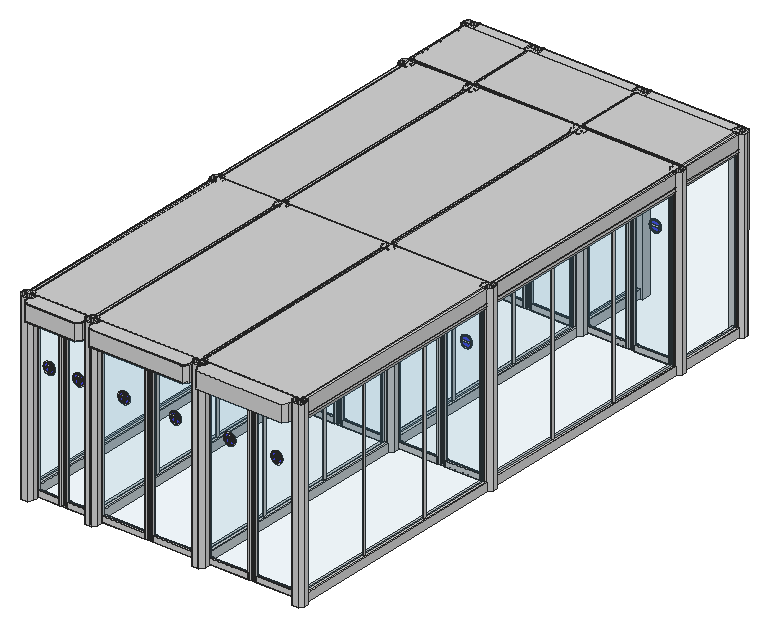
Revit family "ASSA_ABLOY_SecurityPortals_EL_Triple", category Doors, Revit 2020 (continued)
Dimensions and locks
  aligned and locked: plane 26 to nested 3
  aligned and locked: nested 3 to plane 12
  aligned and locked: plane 4 "Top" to Sweep 2
  aligned and locked: plane 4 "Top" to cut or joined group of Sweep 11, Sweep 12, Extrusion 13  (x2)
  aligned and locked: Extrusion 15 sketch curve to nested 3
  aligned and locked: Extrusion 15 sketch curve to plane 8 "Center"
  aligned and locked: Extrusion 15 sketch curve to plane 26
  aligned and locked: Extrusion 25 sketch curve to Sweep 18  (x2)
  aligned and locked: plane 25 to Sweep 2  (x2)
  aligned and locked: nested 5 to plane 45
  aligned and locked: nested 4 to plane 46
  aligned and locked: Extrusion 19 to plane 40
  aligned and locked: plane 39 to Extrusion 19
  aligned and locked: plane 33 to Sweep 18
  aligned and locked: plane 24 to Sweep 22 sketch curve
  aligned and locked: plane 25 to Sweep 22 sketch curve
  aligned and locked: plane 33 to Sweep 22 sketch curve
  aligned and locked: plane 25 to Sweep 23 sketch curve
  aligned and locked: plane 33 to Sweep 23 sketch curve
  aligned and locked: plane 24 to Sweep 23 sketch curve
  aligned and locked: Extrusion 24 sketch curve to plane 8 "Center"
  aligned and locked: Extrusion 24 sketch curve to plane 4 "Top"
  aligned and locked: plane 44 to Extrusion 24 sketch curve
  aligned and locked: Extrusion 19 sketch curve to plane 40  (x3)
  aligned and locked: Extrusion 19 sketch curve to plane 39  (x3)
  aligned and locked: plane 25 to Extrusion 19 sketch curve
  aligned and locked: Extrusion 19 sketch curve to plane 20
  aligned and locked: Extrusion 19 sketch curve to plane 21
  aligned and locked: Extrusion 19 sketch curve to plane 22
  aligned and locked: Extrusion 19 sketch curve to plane 23
  aligned and locked: plane 17 to Extrusion 19 sketch curve
  aligned and locked: plane 40 to Extrusion 24
  aligned and locked: plane 14 to Extrusion 24
  aligned and locked: Extrusion 25 sketch curve to plane 32
  aligned and locked: plane 25 to Extrusion 25 sketch curve
  aligned and locked: Extrusion 25 sketch curve to plane 25
  aligned and locked: curve 170 to plane 47
  aligned and locked: Sweep 21 to plane 39  (x2)
  aligned and locked: Sweep 20 to plane 39
  aligned and locked: plane 40 to Extrusion 27 sketch curve
  aligned and locked: Extrusion 28 sketch curve to plane 48
  aligned and locked: Extrusion 26 sketch curve to plane 49
  aligned and locked: Extrusion 26 sketch curve to plane 50
  aligned and locked: plane 14 to Extrusion 27 sketch curve
  aligned and locked: Extrusion 28 sketch curve to plane 51
  aligned and locked: Sweep 29 to plane 38
  aligned and locked: nested 6 to plane 53
  aligned and locked: nested 7 to plane 52
  aligned and locked: plane 44 to Extrusion 35 sketch curve
  aligned and locked: Extrusion 35 sketch curve to plane 4 "Top"
  aligned and locked: Extrusion 35 sketch curve to plane 8 "Center"
  aligned and locked: cut or joined group of Sweep 11, Sweep 12, Extrusion 13 to plane 8 "Center"
  aligned and locked: plane 43 to Extrusion 35
  aligned and locked: Extrusion 35 to plane 39
  aligned and locked: Extrusion 14 sketch curve to Sweep 9
  aligned and locked: curve 171 to plane 47
  aligned and locked: plane 43 to Extrusion 38
  aligned and locked: Extrusion 38 to plane 39
  aligned and locked: plane 57 to Extrusion 36 sketch curve
  aligned and locked: plane 58 to Extrusion 38
  aligned and locked: plane 43 to Extrusion 37 sketch curve
  aligned and locked: Extrusion 37 sketch curve to plane 58
  aligned and locked: Extrusion 39 sketch curve to plane 62
  aligned and locked: Extrusion 39 sketch curve to plane 61
  aligned and locked: Extrusion 17 to plane 5 "PH"
  aligned and locked: plane 4 "Top" to Extrusion 15
  aligned and locked: Extrusion 25 to plane 5 "PH"
  aligned and locked: Extrusion 36 to plane 5 "PH"
  aligned and locked: Extrusion 24 to plane 4 "Top"
  aligned and locked: Extrusion 35 to plane 4 "Top"
  aligned and locked: plane 28 to Sweep 7
  aligned and locked: plane 28 to Sweep 5
  aligned and locked: Sweep 23 to plane 28
  aligned and locked: Sweep 34 to plane 28
  aligned and locked: Extrusion 26 to plane 4 "Top"
  aligned and locked: Extrusion 37 to plane 4 "Top"
  aligned and locked: plane 28 to Extrusion 30
  aligned and locked: plane 28 to Extrusion 19
  aligned and locked: Extrusion 28 to plane 5 "PH"
  aligned and locked: Extrusion 39 to plane 5 "PH"
  aligned and locked: plane 63 to Extrusion 17
  aligned and locked: plane 63 to Extrusion 28
  aligned and locked: plane 63 to Extrusion 39
  aligned and locked: Extrusion 15 to plane 64
  aligned and locked: Extrusion 26 to plane 64
  aligned and locked: Extrusion 37 to plane 64
  aligned and locked: Extrusion 27 to plane 5 "PH"
  aligned and locked: plane 4 "Top" to Extrusion 27
Automatic sketch dimensions
  Sweep 1 sketch curve to plane 4 "Top" = 0.00 mm
  plane 7 to Sweep 1 sketch curve = 0.00 mm
  Sweep 1 sketch curve to level = 0.00 mm
  Sweep 1 sketch curve to profile plane = 0.00 mm
  profile plane to Sweep 1 sketch curve = 2.30 mm
  profile plane to Sweep 1 sketch curve = 19.90 mm
  profile plane to Sweep 1 sketch curve = 36.52 mm
  Sweep 1 sketch curve to Sweep 1 sketch curve = 0.946 mm
  Sweep 1 sketch curve to Sweep 1 sketch curve = 22.75 mm
  Sweep 1 sketch curve to plane 8 "Center" = 17.45 mm
  profile plane to Sweep 1 sketch curve = 43.296 mm
  Sweep 1 sketch curve to Sweep 1 sketch curve = 16.93 mm
  Sweep 1 sketch curve to Sweep 1 sketch curve = 10.70 mm  (x2)
  Sweep 1 sketch curve to Sweep 1 sketch curve = 5.40 mm  (x2)
  Sweep 1 sketch curve to Sweep 1 sketch curve = 1.60 mm  (x2)
  Sweep 1 sketch curve to Sweep 1 sketch curve = 37.00 mm
  Sweep 1 sketch curve to Sweep 1 sketch curve = 5.00 mm  (x5)
  Sweep 1 sketch curve to Sweep 1 sketch curve = 8.50 mm
  Sweep 1 sketch curve to plane 8 "Center" = 7.95 mm
  Sweep 1 sketch curve to Sweep 1 sketch curve = 59.304 mm
  Sweep 1 sketch curve to Sweep 1 sketch curve = 3.40 mm
  Sweep 1 sketch curve to Sweep 1 sketch curve = 19.05 mm
  Sweep 1 sketch curve to Sweep 1 sketch curve = 20.752 mm
  Sweep 1 sketch curve to Sweep 1 sketch curve = 16.185 mm
  Sweep 1 sketch curve to Sweep 1 sketch curve = 0.746 mm
  Sweep 1 sketch curve to Sweep 1 sketch curve = 3.182 mm
  Sweep 1 sketch curve to Sweep 1 sketch curve = 22.95 mm
  Sweep 1 sketch curve to Sweep 1 sketch curve = 17.40 mm  (x2)
  plane 8 "Center" to Sweep 1 sketch curve = 20.298 mm
  Sweep 1 sketch curve to Sweep 1 sketch curve = 2.50 mm
  Sweep 1 sketch curve to Sweep 1 sketch curve = 2.79 mm
  plane 8 "Center" to Sweep 1 sketch curve = 20.296 mm
  Sweep 1 sketch curve to Sweep 1 sketch curve = 1.028 mm
  Sweep 1 sketch curve to Sweep 1 sketch curve = 17.674 mm
  Sweep 1 sketch curve to Sweep 1 sketch curve = 23.704 mm
  Sweep 1 sketch curve to Sweep 1 sketch curve = 9.50 mm  (x2)
  Sweep 1 sketch curve to Sweep 1 sketch curve = 21.303 mm  (x2)
  Sweep 1 sketch curve to Sweep 1 sketch curve = 1.754 mm  (x2)
  Sweep 1 sketch curve to Sweep 1 sketch curve = 1.746 mm  (x2)
  Sweep 1 sketch curve to Sweep 1 sketch curve = 36.56 mm
  Sweep 1 sketch curve to Sweep 1 sketch curve = 0.00 mm
  Sweep 1 sketch curve to Sweep 1 sketch curve = 13.70 mm  (x2)
  Sweep 1 sketch curve to Sweep 1 sketch curve = 8.103 mm  (x2)
  Sweep 1 sketch curve to Sweep 1 sketch curve = 15.00 mm
  Sweep 1 sketch curve to Sweep 1 sketch curve = 6.897 mm
  Sweep 2 sketch curve to plane 4 "Top" = 0.00 mm
  plane 6 to Sweep 2 sketch curve = 0.00 mm
  Sweep 2 sketch curve to level = 0.00 mm
  Extrusion 3 sketch curve to plane 11 = 0.00 mm  (x2)
  Extrusion 3 sketch curve to plane 12 = 0.00 mm  (x2)
  Extrusion 4 sketch curve to plane 13 = 0.00 mm  (x2)
  Extrusion 4 sketch curve to plane 14 = 0.00 mm  (x2)
  plane 19 to Sweep 5 sketch curve = 15.00 mm
  profile plane to Sweep 5 sketch curve = 88.45 mm
  Sweep 5 sketch curve to Sweep 5 sketch curve = 2.00 mm  (x3)
  plane 19 to Sweep 5 sketch curve = 1.00 mm
  Sweep 5 sketch curve to Sweep 5 sketch curve = 8.60 mm  (x2)
  Sweep 5 sketch curve to plane 19 = 1.00 mm
  Sweep 5 sketch curve to Sweep 5 sketch curve = 14.00 mm
  Sweep 5 sketch curve to Sweep 5 sketch curve = 0.00 mm  (x2)
  plane 18 to Sweep 6 sketch curve = 15.00 mm
  profile plane to Sweep 6 sketch curve = 88.45 mm
  Sweep 6 sketch curve to Sweep 6 sketch curve = 2.00 mm  (x3)
  plane 18 to Sweep 6 sketch curve = 1.00 mm
  Sweep 6 sketch curve to Sweep 6 sketch curve = 8.60 mm  (x2)
  Sweep 6 sketch curve to plane 18 = 1.00 mm
  Sweep 6 sketch curve to Sweep 6 sketch curve = 14.00 mm
  Sweep 6 sketch curve to Sweep 6 sketch curve = 0.00 mm  (x2)
  plane 19 to Sweep 7 sketch curve = 15.00 mm
  Sweep 7 sketch curve to profile plane = 75.85 mm
  Sweep 7 sketch curve to Sweep 7 sketch curve = 2.00 mm  (x3)
  plane 19 to Sweep 7 sketch curve = 1.00 mm
  Sweep 7 sketch curve to Sweep 7 sketch curve = 8.60 mm
  Sweep 7 sketch curve to Sweep 7 sketch curve = 0.00 mm  (x3)
  Sweep 7 sketch curve to plane 19 = 1.00 mm
  Sweep 7 sketch curve to Sweep 7 sketch curve = 14.00 mm
  plane 18 to Sweep 8 sketch curve = 15.00 mm
  Sweep 8 sketch curve to profile plane = 75.85 mm
  Sweep 8 sketch curve to Sweep 8 sketch curve = 2.00 mm  (x3)
  plane 18 to Sweep 8 sketch curve = 1.00 mm
  Sweep 8 sketch curve to Sweep 8 sketch curve = 8.60 mm
  Sweep 8 sketch curve to Sweep 8 sketch curve = 0.00 mm  (x3)
  Sweep 8 sketch curve to plane 18 = 1.00 mm
  Sweep 8 sketch curve to Sweep 8 sketch curve = 14.00 mm
  level to Sweep 9 sketch curve = 0.90 mm
  profile plane to Sweep 9 sketch curve = 124.65 mm
  Sweep 9 sketch curve to Sweep 9 sketch curve = 5.00 mm  (x2)
  Sweep 9 sketch curve to Sweep 9 sketch curve = 28.00 mm  (x2)
  Sweep 9 sketch curve to Sweep 9 sketch curve = 19.00 mm
  level to Sweep 9 sketch curve = 70.90 mm
  Sweep 9 sketch curve to Sweep 9 sketch curve = 35.00 mm  (x2)
  Sweep 10 sketch curve to plane 6 = 0.00 mm
  plane 24 to Sweep 10 sketch curve = 0.00 mm
  plane 25 to Sweep 10 sketch curve = 0.00 mm
  level to Sweep 10 sketch curve = 0.90 mm
  Sweep 10 sketch curve to profile plane = 39.65 mm
  Sweep 10 sketch curve to Sweep 10 sketch curve = 5.00 mm  (x2)
  Sweep 10 sketch curve to Sweep 10 sketch curve = 28.00 mm  (x2)
  Sweep 10 sketch curve to Sweep 10 sketch curve = 19.00 mm
  level to Sweep 10 sketch curve = 70.90 mm
  Sweep 10 sketch curve to Sweep 10 sketch curve = 35.00 mm  (x2)
  Sweep 11 sketch curve to plane 7 = 0.00 mm
  plane 25 to Sweep 11 sketch curve = 0.00 mm
  plane 24 to Sweep 11 sketch curve = 0.00 mm
  Sweep 11 sketch curve to Sweep 11 sketch curve = 0.00 mm  (x6)
  plane 5 "PH" to Sweep 11 sketch curve = 41.60 mm
  profile plane to Sweep 11 sketch curve = 121.15 mm
  Sweep 11 sketch curve to Sweep 11 sketch curve = 2.00 mm
  Sweep 11 sketch curve to Sweep 11 sketch curve = 3.00 mm  (x3)
  Sweep 11 sketch curve to Sweep 11 sketch curve = 3.50 mm
  Sweep 11 sketch curve to plane 5 "PH" = 28.70 mm
  Sweep 11 sketch curve to Sweep 11 sketch curve = 17.32 mm
  Sweep 11 sketch curve to Sweep 11 sketch curve = 11.68 mm  (x2)
  Sweep 11 sketch curve to Sweep 11 sketch curve = 14.00 mm
  Sweep 11 sketch curve to Sweep 11 sketch curve = 45.00 mm
  profile plane to Sweep 11 sketch curve = 46.15 mm
  plane 5 "PH" to Sweep 11 sketch curve = 1.30 mm  (x2)
  Sweep 11 sketch curve to Sweep 11 sketch curve = 20.82 mm
  Sweep 11 sketch curve to Sweep 11 sketch curve = 4.40 mm  (x3)
  Sweep 11 sketch curve to Sweep 11 sketch curve = 9.60 mm
  Sweep 11 sketch curve to Sweep 11 sketch curve = 1.00 mm
  Sweep 11 sketch curve to Sweep 11 sketch curve = 63.75 mm
  Sweep 11 sketch curve to Sweep 11 sketch curve = 37.00 mm
  Sweep 11 sketch curve to Sweep 11 sketch curve = 64.25 mm
  Sweep 12 sketch curve to plane 6 = 0.00 mm
  plane 25 to Sweep 12 sketch curve = 0.00 mm
  plane 24 to Sweep 12 sketch curve = 0.00 mm
  Sweep 12 sketch curve to Sweep 12 sketch curve = 0.00 mm  (x5)
  Sweep 12 sketch curve to profile plane = 43.15 mm
  Sweep 12 sketch curve to profile plane = 46.15 mm
  Sweep 12 sketch curve to plane 5 "PH" = 28.70 mm  (x2)
  Sweep 12 sketch curve to Sweep 12 sketch curve = 17.32 mm
  Sweep 12 sketch curve to profile plane = 71.15 mm
  Sweep 12 sketch curve to Sweep 12 sketch curve = 11.68 mm  (x2)
  Sweep 12 sketch curve to Sweep 12 sketch curve = 3.00 mm  (x2)
  Sweep 12 sketch curve to Sweep 12 sketch curve = 14.00 mm
  plane 5 "PH" to Sweep 12 sketch curve = 41.60 mm
  Sweep 12 sketch curve to Sweep 12 sketch curve = 26.50 mm
  Sweep 12 sketch curve to Sweep 12 sketch curve = 45.00 mm
  Sweep 12 sketch curve to Sweep 12 sketch curve = 3.50 mm
  Sweep 12 sketch curve to Sweep 12 sketch curve = 5.50 mm
  Sweep 12 sketch curve to Sweep 12 sketch curve = 2.00 mm
  Sweep 12 sketch curve to Sweep 12 sketch curve = 4.40 mm  (x2)
  Sweep 12 sketch curve to Sweep 12 sketch curve = 9.60 mm
  plane 5 "PH" to Sweep 12 sketch curve = 1.30 mm  (x2)
  Sweep 12 sketch curve to Sweep 12 sketch curve = 1.00 mm
  Sweep 12 sketch curve to Sweep 12 sketch curve = 63.75 mm
  Sweep 12 sketch curve to Sweep 12 sketch curve = 37.00 mm
  Sweep 12 sketch curve to Sweep 12 sketch curve = 64.25 mm
  plane 8 "Center" to Extrusion 14 sketch curve = 20.296 mm
  curve 1 to curve 14 = 8.103 mm
  curve 129 to curve 10 = 1.60 mm
  curve 18 to curve 168 = 3.13 mm
  curve 97 to curve 129 = 42.954 mm
  curve 169 to curve 1 = 3.13 mm
  curve 129 to curve 96 = 38.40 mm
  curve 98 to curve 130 = 0.00 mm
  curve 151 to curve 119 = 3.00 mm
  curve 99 to curve 103 = 5.40 mm
  curve 56 to curve 98 = 3.13 mm
  curve 130 to curve 100 = 42.954 mm
  curve 99 to curve 31 = 3.13 mm
  plane 11 to Extrusion 15 sketch curve = 1.875 mm
  Extrusion 15 sketch curve to plane 9 = 20.196 mm
  plane 29 to Extrusion 15 sketch curve = 1.875 mm
  plane 7 to Extrusion 15 sketch curve = 21.671 mm
  Extrusion 15 sketch curve to plane 30 = 15.421 mm
  Extrusion 15 sketch curve to plane 10 = 20.00 mm
  Extrusion 15 sketch curve to plane 31 = 0.024 mm
  plane 13 to Extrusion 15 sketch curve = 2.50 mm
  plane 31 to Extrusion 15 sketch curve = 5.601 mm
  plane 26 to Extrusion 16 sketch curve = 0.00 mm  (x2)
  plane 11 to Extrusion 16 sketch curve = 2.031 mm
  plane 7 to Extrusion 16 sketch curve = 20.371 mm
  plane 29 to Extrusion 16 sketch curve = 2.00 mm
  Extrusion 16 sketch curve to Extrusion 16 sketch curve = 0.828 mm  (x2)
  Extrusion 16 sketch curve to plane 30 = 15.05 mm
  Extrusion 16 sketch curve to Extrusion 16 sketch curve = 1.975 mm
  Extrusion 16 sketch curve to plane 31 = 0.599 mm
  plane 31 to Extrusion 16 sketch curve = 0.255 mm
  plane 31 to Extrusion 16 sketch curve = 4.301 mm
  Extrusion 16 sketch curve to Extrusion 16 sketch curve = 0.797 mm
  Extrusion 17 sketch curve to plane 9 = 14.602 mm
  Extrusion 17 sketch curve to plane 9 = 20.30 mm
  plane 11 to Extrusion 17 sketch curve = 10.00 mm
  plane 7 to Extrusion 17 sketch curve = 17.605 mm
  Extrusion 17 sketch curve to plane 30 = 16.561 mm
  Extrusion 17 sketch curve to plane 10 = 14.396 mm
  Extrusion 17 sketch curve to plane 10 = 20.093 mm
  plane 13 to Extrusion 17 sketch curve = 10.00 mm
  plane 31 to Extrusion 17 sketch curve = 1.741 mm
  plane 31 to Extrusion 17 sketch curve = 1.535 mm
  plane 29 to Extrusion 17 sketch curve = 10.00 mm
  plane 8 "Center" to Extrusion 17 sketch curve = 20.083 mm  (x2)
  Extrusion 17 sketch curve to Extrusion 17 sketch curve = 46.671 mm
  Extrusion 17 sketch curve to Extrusion 17 sketch curve = 48.341 mm
  Sweep 18 sketch curve to plane 4 "Top" = 0.00 mm
  Sweep 18 sketch curve to level = 0.00 mm
  plane 41 to Sweep 18 sketch curve = 979.00 mm
  Sweep 18 sketch curve to profile plane = 0.00 mm
  Sweep 18 sketch curve to profile plane = 2.30 mm
  Sweep 18 sketch curve to Sweep 18 sketch curve = 17.60 mm
  Sweep 18 sketch curve to profile plane = 36.52 mm
  Sweep 18 sketch curve to Sweep 18 sketch curve = 0.946 mm
  Sweep 18 sketch curve to Sweep 18 sketch curve = 22.75 mm
  Sweep 18 sketch curve to profile plane = 17.45 mm
  Sweep 18 sketch curve to profile plane = 43.296 mm
  Sweep 18 sketch curve to Sweep 18 sketch curve = 16.93 mm
  Sweep 18 sketch curve to Sweep 18 sketch curve = 10.70 mm  (x2)
  Sweep 18 sketch curve to Sweep 18 sketch curve = 5.40 mm
  Sweep 18 sketch curve to Sweep 18 sketch curve = 1.60 mm  (x2)
  Sweep 18 sketch curve to Sweep 18 sketch curve = 8.50 mm  (x2)
  Sweep 18 sketch curve to Sweep 18 sketch curve = 5.00 mm  (x5)
  Sweep 18 sketch curve to Sweep 18 sketch curve = 7.00 mm
  Sweep 18 sketch curve to profile plane = 7.95 mm
  Sweep 18 sketch curve to Sweep 18 sketch curve = 59.304 mm
  Sweep 18 sketch curve to Sweep 18 sketch curve = 3.40 mm
  Sweep 18 sketch curve to Sweep 18 sketch curve = 19.05 mm
  Sweep 18 sketch curve to Sweep 18 sketch curve = 20.752 mm
  Sweep 18 sketch curve to Sweep 18 sketch curve = 16.185 mm
  Sweep 18 sketch curve to Sweep 18 sketch curve = 0.746 mm
  Sweep 18 sketch curve to profile plane = 10.74 mm
  Sweep 18 sketch curve to Sweep 18 sketch curve = 3.182 mm
  Sweep 18 sketch curve to Sweep 18 sketch curve = 22.95 mm
  Sweep 18 sketch curve to Sweep 18 sketch curve = 17.40 mm  (x2)
  profile plane to Sweep 18 sketch curve = 21.326 mm
  Sweep 18 sketch curve to Sweep 18 sketch curve = 2.50 mm
  profile plane to Sweep 18 sketch curve = 20.296 mm
  Sweep 18 sketch curve to Sweep 18 sketch curve = 1.028 mm
  Sweep 18 sketch curve to Sweep 18 sketch curve = 17.674 mm
  Sweep 18 sketch curve to Sweep 18 sketch curve = 23.704 mm
  Sweep 18 sketch curve to Sweep 18 sketch curve = 9.50 mm  (x2)
  Sweep 18 sketch curve to Sweep 18 sketch curve = 21.303 mm  (x2)
  Sweep 18 sketch curve to Sweep 18 sketch curve = 1.754 mm  (x2)
  Sweep 18 sketch curve to Sweep 18 sketch curve = 1.746 mm  (x2)
  Sweep 18 sketch curve to Sweep 18 sketch curve = 36.56 mm
  Sweep 18 sketch curve to Sweep 18 sketch curve = 0.00 mm
  Sweep 18 sketch curve to Sweep 18 sketch curve = 13.70 mm  (x2)
  Sweep 18 sketch curve to Sweep 18 sketch curve = 8.103 mm  (x2)
  Sweep 18 sketch curve to Sweep 18 sketch curve = 15.00 mm
  Sweep 18 sketch curve to Sweep 18 sketch curve = 6.897 mm
  Sweep 20 sketch curve to plane 28 = 0.00 mm
  Sweep 20 sketch curve to plane 27 = 0.00 mm
  Sweep 20 sketch curve to plane 41 = 979.10 mm
  profile plane to Sweep 20 sketch curve = 15.00 mm
  Sweep 20 sketch curve to profile plane = 75.85 mm
  Sweep 20 sketch curve to Sweep 20 sketch curve = 2.00 mm  (x3)
  profile plane to Sweep 20 sketch curve = 1.00 mm
  Sweep 20 sketch curve to Sweep 20 sketch curve = 8.60 mm
  Sweep 20 sketch curve to Sweep 20 sketch curve = 0.00 mm  (x3)
  Sweep 20 sketch curve to profile plane = 1.00 mm
  Sweep 20 sketch curve to Sweep 20 sketch curve = 14.00 mm
  Sweep 21 sketch curve to plane 28 = 0.00 mm
  Sweep 21 sketch curve to plane 27 = 0.00 mm
  Sweep 21 sketch curve to plane 41 = 979.10 mm
  profile plane to Sweep 21 sketch curve = 15.00 mm
  Sweep 21 sketch curve to profile plane = 75.85 mm
  Sweep 21 sketch curve to Sweep 21 sketch curve = 2.00 mm  (x3)
  profile plane to Sweep 21 sketch curve = 1.00 mm
  Sweep 21 sketch curve to Sweep 21 sketch curve = 8.60 mm
  Sweep 21 sketch curve to Sweep 21 sketch curve = 0.00 mm  (x3)
  Sweep 21 sketch curve to profile plane = 1.00 mm
  Sweep 21 sketch curve to Sweep 21 sketch curve = 14.00 mm
  level to Sweep 22 sketch curve = 0.90 mm
  Sweep 22 sketch curve to profile plane = 39.65 mm
  Sweep 22 sketch curve to Sweep 22 sketch curve = 5.00 mm  (x2)
  Sweep 22 sketch curve to Sweep 22 sketch curve = 28.00 mm  (x2)
  Sweep 22 sketch curve to Sweep 22 sketch curve = 19.00 mm
  level to Sweep 22 sketch curve = 70.90 mm
  Sweep 22 sketch curve to Sweep 22 sketch curve = 35.00 mm  (x2)
  Sweep 23 sketch curve to Sweep 23 sketch curve = 0.00 mm  (x5)
  Sweep 23 sketch curve to profile plane = 43.15 mm
  Sweep 23 sketch curve to profile plane = 46.15 mm
  Sweep 23 sketch curve to plane 5 "PH" = 28.70 mm  (x2)
  Sweep 23 sketch curve to Sweep 23 sketch curve = 17.32 mm
  Sweep 23 sketch curve to profile plane = 71.15 mm
  Sweep 23 sketch curve to Sweep 23 sketch curve = 11.68 mm  (x2)
  Sweep 23 sketch curve to Sweep 23 sketch curve = 3.00 mm  (x2)
  Sweep 23 sketch curve to Sweep 23 sketch curve = 14.00 mm
  plane 5 "PH" to Sweep 23 sketch curve = 41.60 mm
  Sweep 23 sketch curve to Sweep 23 sketch curve = 26.50 mm
  Sweep 23 sketch curve to Sweep 23 sketch curve = 45.00 mm
  Sweep 23 sketch curve to Sweep 23 sketch curve = 3.50 mm
  Sweep 23 sketch curve to Sweep 23 sketch curve = 5.50 mm
  Sweep 23 sketch curve to Sweep 23 sketch curve = 2.00 mm
  Sweep 23 sketch curve to Sweep 23 sketch curve = 4.40 mm  (x2)
  Sweep 23 sketch curve to Sweep 23 sketch curve = 9.60 mm
  plane 5 "PH" to Sweep 23 sketch curve = 1.30 mm  (x2)
  Sweep 23 sketch curve to Sweep 23 sketch curve = 1.00 mm
  Sweep 23 sketch curve to Sweep 23 sketch curve = 63.75 mm
  Sweep 23 sketch curve to Sweep 23 sketch curve = 37.00 mm
  Sweep 23 sketch curve to Sweep 23 sketch curve = 64.25 mm
  Extrusion 25 sketch curve to Extrusion 25 sketch curve = 48.507 mm
  Extrusion 26 sketch curve to plane 26 = 180.989 mm
  Extrusion 26 sketch curve to plane 25 = 146.21 mm  (x2)
  Extrusion 26 sketch curve to Extrusion 26 sketch curve = 32.879 mm
  Extrusion 26 sketch curve to plane 31 = 92.245 mm
  Extrusion 26 sketch curve to Extrusion 26 sketch curve = 97.846 mm
  Extrusion 26 sketch curve to Extrusion 26 sketch curve = 59.771 mm
  Extrusion 26 sketch curve to plane 26 = 186.614 mm
  Extrusion 26 sketch curve to Extrusion 26 sketch curve = 92.221 mm
  Extrusion 26 sketch curve to Extrusion 26 sketch curve = 17.45 mm
  Extrusion 27 sketch curve to plane 26 = 182.089 mm
  Extrusion 27 sketch curve to plane 26 = 181.492 mm
  Extrusion 27 sketch curve to Extrusion 27 sketch curve = 2.231 mm
  Extrusion 27 sketch curve to plane 31 = 94.12 mm
  Extrusion 27 sketch curve to Extrusion 27 sketch curve = 96.39 mm
  Extrusion 27 sketch curve to plane 31 = 92.12 mm
  Extrusion 27 sketch curve to Extrusion 27 sketch curve = 0.828 mm  (x2)
  Extrusion 27 sketch curve to plane 25 = 146.21 mm  (x2)
  Extrusion 27 sketch curve to Extrusion 27 sketch curve = 92.375 mm
  Extrusion 27 sketch curve to Extrusion 27 sketch curve = 2.075 mm
  Extrusion 27 sketch curve to plane 26 = 187.089 mm
  Extrusion 27 sketch curve to Extrusion 27 sketch curve = 0.753 mm
  Extrusion 28 sketch curve to plane 26 = 185.056 mm
  Extrusion 28 sketch curve to plane 25 = 146.21 mm  (x2)
  Extrusion 28 sketch curve to Extrusion 28 sketch curve = 24.65 mm
  plane 25 to Extrusion 28 sketch curve = 0.00 mm
  Extrusion 28 sketch curve to Extrusion 28 sketch curve = 5.698 mm
  Extrusion 28 sketch curve to Extrusion 28 sketch curve = 43.40 mm
  Extrusion 28 sketch curve to plane 31 = 84.12 mm
  Extrusion 28 sketch curve to Extrusion 28 sketch curve = 85.655 mm
  Extrusion 28 sketch curve to plane 25 = 108.677 mm  (x2)
  Extrusion 28 sketch curve to Extrusion 28 sketch curve = 16.561 mm
  Extrusion 28 sketch curve to Extrusion 28 sketch curve = 38.746 mm
  Extrusion 28 sketch curve to Extrusion 28 sketch curve = 44.443 mm
  Extrusion 28 sketch curve to Extrusion 28 sketch curve = 24.857 mm
  Extrusion 28 sketch curve to plane 26 = 184.85 mm
  Extrusion 28 sketch curve to Extrusion 28 sketch curve = 46.671 mm
  Extrusion 28 sketch curve to Extrusion 28 sketch curve = 48.341 mm
  Sweep 29 sketch curve to plane 4 "Top" = 0.00 mm
  Sweep 29 sketch curve to level = 0.00 mm
  plane 41 to Sweep 29 sketch curve = 164.50 mm
  Sweep 29 sketch curve to profile plane = 0.00 mm
  Sweep 29 sketch curve to profile plane = 2.30 mm
  Sweep 29 sketch curve to Sweep 29 sketch curve = 17.60 mm
  Sweep 29 sketch curve to profile plane = 36.52 mm
  Sweep 29 sketch curve to Sweep 29 sketch curve = 0.946 mm
  Sweep 29 sketch curve to Sweep 29 sketch curve = 22.75 mm
  Sweep 29 sketch curve to profile plane = 17.45 mm
  Sweep 29 sketch curve to profile plane = 43.296 mm
  Sweep 29 sketch curve to Sweep 29 sketch curve = 16.93 mm
  Sweep 29 sketch curve to Sweep 29 sketch curve = 10.70 mm  (x2)
  Sweep 29 sketch curve to Sweep 29 sketch curve = 5.40 mm
  Sweep 29 sketch curve to Sweep 29 sketch curve = 1.60 mm  (x2)
  Sweep 29 sketch curve to Sweep 29 sketch curve = 8.50 mm  (x2)
  Sweep 29 sketch curve to Sweep 29 sketch curve = 5.00 mm  (x5)
  Sweep 29 sketch curve to Sweep 29 sketch curve = 7.00 mm
  Sweep 29 sketch curve to profile plane = 7.95 mm
  Sweep 29 sketch curve to Sweep 29 sketch curve = 59.304 mm
  Sweep 29 sketch curve to Sweep 29 sketch curve = 3.40 mm
  Sweep 29 sketch curve to Sweep 29 sketch curve = 19.05 mm
  Sweep 29 sketch curve to Sweep 29 sketch curve = 20.752 mm
  Sweep 29 sketch curve to Sweep 29 sketch curve = 16.185 mm
  Sweep 29 sketch curve to Sweep 29 sketch curve = 0.746 mm
  Sweep 29 sketch curve to profile plane = 10.74 mm
  Sweep 29 sketch curve to Sweep 29 sketch curve = 3.182 mm
  Sweep 29 sketch curve to Sweep 29 sketch curve = 22.95 mm
  Sweep 29 sketch curve to Sweep 29 sketch curve = 17.40 mm  (x2)
  profile plane to Sweep 29 sketch curve = 21.326 mm
  Sweep 29 sketch curve to Sweep 29 sketch curve = 2.50 mm
  profile plane to Sweep 29 sketch curve = 20.296 mm
  Sweep 29 sketch curve to Sweep 29 sketch curve = 1.028 mm
  Sweep 29 sketch curve to Sweep 29 sketch curve = 17.674 mm
  Sweep 29 sketch curve to Sweep 29 sketch curve = 23.704 mm
  Sweep 29 sketch curve to Sweep 29 sketch curve = 9.50 mm  (x2)
  Sweep 29 sketch curve to Sweep 29 sketch curve = 21.303 mm  (x2)
  Sweep 29 sketch curve to Sweep 29 sketch curve = 1.754 mm  (x2)
  Sweep 29 sketch curve to Sweep 29 sketch curve = 1.746 mm  (x2)
  Sweep 29 sketch curve to Sweep 29 sketch curve = 36.56 mm
  Sweep 29 sketch curve to Sweep 29 sketch curve = 0.00 mm
  Sweep 29 sketch curve to Sweep 29 sketch curve = 13.70 mm  (x2)
  Sweep 29 sketch curve to Sweep 29 sketch curve = 8.103 mm  (x2)
  Sweep 29 sketch curve to Sweep 29 sketch curve = 15.00 mm
  Sweep 29 sketch curve to Sweep 29 sketch curve = 6.897 mm
  plane 20 to Extrusion 30 sketch curve = 952.637 mm
  plane 41 to Extrusion 30 sketch curve = 86.45 mm
  plane 44 to Extrusion 30 sketch curve = 29.648 mm
  Extrusion 30 sketch curve to Extrusion 30 sketch curve = 0.00 mm  (x3)
  Extrusion 30 sketch curve to Extrusion 30 sketch curve = 8.20 mm  (x2)
  plane 24 to Extrusion 30 sketch curve = 944.537 mm
  Extrusion 30 sketch curve to Extrusion 30 sketch curve = 8.00 mm  (x2)
  plane 22 to Extrusion 30 sketch curve = 948.637 mm
  Sweep 31 sketch curve to plane 28 = 0.00 mm
  Sweep 31 sketch curve to plane 27 = 0.00 mm
  Sweep 31 sketch curve to plane 41 = 164.50 mm
  profile plane to Sweep 31 sketch curve = 15.00 mm
  Sweep 31 sketch curve to profile plane = 75.85 mm
  Sweep 31 sketch curve to Sweep 31 sketch curve = 2.00 mm  (x3)
  profile plane to Sweep 31 sketch curve = 1.00 mm
  Sweep 31 sketch curve to Sweep 31 sketch curve = 8.60 mm
  Sweep 31 sketch curve to Sweep 31 sketch curve = 0.00 mm  (x3)
  Sweep 31 sketch curve to profile plane = 1.00 mm
  Sweep 31 sketch curve to Sweep 31 sketch curve = 14.00 mm
  Sweep 32 sketch curve to plane 28 = 0.00 mm
  Sweep 32 sketch curve to plane 27 = 0.00 mm
  Sweep 32 sketch curve to plane 41 = 164.50 mm
  profile plane to Sweep 32 sketch curve = 15.00 mm
  Sweep 32 sketch curve to profile plane = 75.85 mm
  Sweep 32 sketch curve to Sweep 32 sketch curve = 2.00 mm  (x3)
  profile plane to Sweep 32 sketch curve = 1.00 mm
  Sweep 32 sketch curve to Sweep 32 sketch curve = 8.60 mm
  Sweep 32 sketch curve to Sweep 32 sketch curve = 0.00 mm  (x3)
  Sweep 32 sketch curve to profile plane = 1.00 mm
  Sweep 32 sketch curve to Sweep 32 sketch curve = 14.00 mm
  plane 20 to Sweep 33 sketch curve = 944.537 mm
  plane 41 to Sweep 33 sketch curve = 164.50 mm
  plane 44 to Sweep 33 sketch curve = 37.748 mm
  level to Sweep 33 sketch curve = 0.90 mm
  Sweep 33 sketch curve to profile plane = 39.65 mm
  Sweep 33 sketch curve to Sweep 33 sketch curve = 5.00 mm  (x2)
  Sweep 33 sketch curve to Sweep 33 sketch curve = 28.00 mm  (x2)
  Sweep 33 sketch curve to Sweep 33 sketch curve = 19.00 mm
  level to Sweep 33 sketch curve = 70.90 mm
  Sweep 33 sketch curve to Sweep 33 sketch curve = 35.00 mm  (x2)
  plane 20 to Sweep 34 sketch curve = 944.537 mm
  plane 41 to Sweep 34 sketch curve = 164.50 mm
  plane 44 to Sweep 34 sketch curve = 37.748 mm
  Sweep 34 sketch curve to Sweep 34 sketch curve = 0.00 mm  (x5)
  Sweep 34 sketch curve to profile plane = 43.15 mm
  Sweep 34 sketch curve to profile plane = 46.15 mm
  Sweep 34 sketch curve to plane 5 "PH" = 28.70 mm  (x2)
  Sweep 34 sketch curve to Sweep 34 sketch curve = 17.32 mm
  Sweep 34 sketch curve to profile plane = 71.15 mm
  Sweep 34 sketch curve to Sweep 34 sketch curve = 11.68 mm  (x2)
  Sweep 34 sketch curve to Sweep 34 sketch curve = 3.00 mm  (x2)
  Sweep 34 sketch curve to Sweep 34 sketch curve = 14.00 mm
  plane 5 "PH" to Sweep 34 sketch curve = 41.60 mm
  Sweep 34 sketch curve to Sweep 34 sketch curve = 26.50 mm
  Sweep 34 sketch curve to Sweep 34 sketch curve = 45.00 mm
  Sweep 34 sketch curve to Sweep 34 sketch curve = 3.50 mm
  Sweep 34 sketch curve to Sweep 34 sketch curve = 5.50 mm
  Sweep 34 sketch curve to Sweep 34 sketch curve = 2.00 mm
  Sweep 34 sketch curve to Sweep 34 sketch curve = 4.40 mm  (x2)
  Sweep 34 sketch curve to Sweep 34 sketch curve = 9.60 mm
  plane 5 "PH" to Sweep 34 sketch curve = 1.30 mm  (x2)
  Sweep 34 sketch curve to Sweep 34 sketch curve = 1.00 mm
  Sweep 34 sketch curve to Sweep 34 sketch curve = 63.75 mm
  Sweep 34 sketch curve to Sweep 34 sketch curve = 37.00 mm
  Sweep 34 sketch curve to Sweep 34 sketch curve = 64.25 mm
  Extrusion 36 sketch curve to Extrusion 36 sketch curve = 48.507 mm  (x2)
  Extrusion 37 sketch curve to plane 25 = 327.356 mm
  Extrusion 37 sketch curve to Extrusion 37 sketch curve = 32.722 mm
  Extrusion 37 sketch curve to Extrusion 37 sketch curve = 97.69 mm
  Extrusion 37 sketch curve to plane 25 = 425.046 mm
  Extrusion 37 sketch curve to Extrusion 37 sketch curve = 59.771 mm
  Extrusion 37 sketch curve to plane 25 = 330.224 mm
  Extrusion 37 sketch curve to Extrusion 37 sketch curve = 94.821 mm
  Extrusion 37 sketch curve to Extrusion 37 sketch curve = 184.014 mm
  Extrusion 37 sketch curve to Extrusion 37 sketch curve = 181.146 mm
  Extrusion 37 sketch curve to Extrusion 37 sketch curve = 17.45 mm
  Extrusion 38 sketch curve to plane 25 = 328.399 mm
  Extrusion 38 sketch curve to plane 41 = 892.65 mm
  Extrusion 38 sketch curve to plane 25 = 327.702 mm
  Extrusion 38 sketch curve to Extrusion 38 sketch curve = 2.131 mm
  Extrusion 38 sketch curve to Extrusion 38 sketch curve = 96.39 mm
  Extrusion 38 sketch curve to plane 25 = 424.921 mm
  Extrusion 38 sketch curve to Extrusion 38 sketch curve = 0.828 mm  (x2)
  Extrusion 38 sketch curve to Extrusion 38 sketch curve = 612.50 mm
  Extrusion 38 sketch curve to plane 25 = 426.921 mm
  Extrusion 38 sketch curve to Extrusion 38 sketch curve = 92.375 mm
  Extrusion 38 sketch curve to Extrusion 38 sketch curve = 2.075 mm
  Extrusion 38 sketch curve to Extrusion 38 sketch curve = 91.621 mm
  Extrusion 38 sketch curve to Extrusion 38 sketch curve = 0.753 mm
  Extrusion 38 sketch curve to Extrusion 38 sketch curve = 181.492 mm
  Extrusion 38 sketch curve to Extrusion 38 sketch curve = 186.336 mm
  Extrusion 39 sketch curve to plane 25 = 337.888 mm
  Extrusion 39 sketch curve to Extrusion 39 sketch curve = 18.029 mm
  Extrusion 39 sketch curve to plane 20 = 944.537 mm
  Extrusion 39 sketch curve to Extrusion 39 sketch curve = 5.698 mm
  Extrusion 39 sketch curve to Extrusion 39 sketch curve = 43.40 mm
  Extrusion 39 sketch curve to plane 25 = 416.921 mm
  Extrusion 39 sketch curve to Extrusion 39 sketch curve = 79.033 mm
  Extrusion 39 sketch curve to Extrusion 39 sketch curve = 16.561 mm
  Extrusion 39 sketch curve to Extrusion 39 sketch curve = 38.746 mm
  Extrusion 39 sketch curve to Extrusion 39 sketch curve = 44.443 mm
  Extrusion 39 sketch curve to Extrusion 39 sketch curve = 24.857 mm
  Extrusion 39 sketch curve to Extrusion 39 sketch curve = 85.861 mm
  Extrusion 39 sketch curve to Extrusion 39 sketch curve = 146.21 mm  (x2)
  Extrusion 39 sketch curve to Extrusion 39 sketch curve = 37.533 mm  (x2)
  Extrusion 39 sketch curve to Extrusion 39 sketch curve = 46.671 mm
  Extrusion 39 sketch curve to Extrusion 39 sketch curve = 48.341 mm
  Extrusion 25 sketch curve to Extrusion 25 sketch curve = 5.685 mm  (x2)
  Extrusion 25 sketch curve to Extrusion 25 sketch curve = 59.957 mm
  Extrusion 36 sketch curve to Extrusion 36 sketch curve = 59.957 mm
  curve 129 to curve 87 = 8.50 mm
  Sweep 2 sketch curve to profile plane = 0.00 mm
  Sweep 2 sketch curve to profile plane = 2.30 mm
  Sweep 2 sketch curve to Sweep 2 sketch curve = 17.60 mm
  Sweep 2 sketch curve to profile plane = 36.52 mm
  Sweep 2 sketch curve to Sweep 2 sketch curve = 0.946 mm
  Sweep 2 sketch curve to Sweep 2 sketch curve = 22.75 mm
  Sweep 2 sketch curve to Sweep 2 sketch curve = 0.646 mm  (x2)
  Sweep 2 sketch curve to Sweep 2 sketch curve = 16.93 mm
  Sweep 2 sketch curve to Sweep 2 sketch curve = 10.70 mm  (x2)
  Sweep 2 sketch curve to Sweep 2 sketch curve = 5.40 mm
  Sweep 2 sketch curve to Sweep 2 sketch curve = 1.60 mm  (x2)
  Sweep 2 sketch curve to Sweep 2 sketch curve = 8.50 mm  (x2)
  Sweep 2 sketch curve to Sweep 2 sketch curve = 5.00 mm  (x2)
  Sweep 2 sketch curve to Sweep 2 sketch curve = 7.00 mm
  plane 8 "Center" to Sweep 2 sketch curve = 20.296 mm  (x2)
  Sweep 2 sketch curve to Sweep 2 sketch curve = 36.354 mm
  Sweep 2 sketch curve to Sweep 2 sketch curve = 16.185 mm
  Sweep 2 sketch curve to Sweep 2 sketch curve = 0.746 mm
  Sweep 2 sketch curve to Sweep 2 sketch curve = 22.95 mm
  Sweep 2 sketch curve to Sweep 2 sketch curve = 17.40 mm
  Sweep 2 sketch curve to Sweep 2 sketch curve = 23.704 mm  (x2)
  Sweep 2 sketch curve to Sweep 2 sketch curve = 9.50 mm
  Sweep 2 sketch curve to Sweep 2 sketch curve = 0.00 mm  (x2)
  Sweep 2 sketch curve to Sweep 2 sketch curve = 21.303 mm  (x2)
  Sweep 2 sketch curve to Sweep 2 sketch curve = 1.754 mm  (x2)
  Sweep 2 sketch curve to Sweep 2 sketch curve = 1.746 mm  (x2)
  Sweep 2 sketch curve to Sweep 2 sketch curve = 36.56 mm
  Sweep 2 sketch curve to Sweep 2 sketch curve = 13.70 mm  (x2)
  Sweep 2 sketch curve to Sweep 2 sketch curve = 10.00 mm  (x2)
  Sweep 2 sketch curve to Sweep 2 sketch curve = 8.103 mm  (x2)
  Sweep 2 sketch curve to Sweep 2 sketch curve = 15.00 mm  (x2)
  Sweep 2 sketch curve to plane 8 "Center" = 17.45 mm
  Sweep 2 sketch curve to Sweep 2 sketch curve = 2.50 mm
  plane 4 "Top" to Extrusion 24 sketch curve = 4.531 mm
  plane 4 "Top" to Extrusion 35 sketch curve = 4.531 mm
  plane 4 "Top" to Extrusion 13 sketch curve = 4.531 mm
  Extrusion 13 sketch curve to plane 4 "Top" = 0.00 mm
  plane 25 to Extrusion 36 sketch curve = 0.00 mm  (x2)
  Extrusion 36 sketch curve to plane 35 = 0.00 mm
  Extrusion 36 sketch curve to plane 38 = 0.00 mm
  curve 93 to curve 130 = 2.55 mm
  curve 95 to curve 130 = 8.50 mm
  curve 130 to curve 94 = 16.70 mm
  Extrusion 25 sketch curve to plane 44 = 0.001 mm
  curve 87 to curve 129 = 2.551 mm
  curve 88 to curve 129 = 16.70 mm
  Extrusion 36 sketch curve to plane 56 = 0.00 mm
  Extrusion 36 sketch curve to plane 44 = 0.001 mm
  Extrusion 36 sketch curve to plane 55 = 0.00 mm
  Extrusion 36 sketch curve to Extrusion 36 sketch curve = 5.685 mm
  Extrusion 25 sketch curve to plane 45 = 14.165 mm
  Extrusion 14 sketch curve to plane 44 = 5.001 mm
  curve 101 to curve 130 = 38.40 mm
  plane 1 "Entry" to curve 129 = 0.00 mm
  plane 1 "Entry" to curve 130 = 0.00 mm
  plane 26 to curve 171 = 0.00 mm
  plane 26 to curve 129 = 0.00 mm
  plane 26 to curve 130 = 0.00 mm
  curve 171 to curve 129 = 362.634 mm
  curve 170 to curve 171 = 575.561 mm
Nested families
  nested 1: "Panel" at (-573.1, 2999.92, 0), PanelWidth <- "PanelWidth", type "Left Exit"
    with PanelWidth 573.10 mm
  nested 2: "Panel" at (573.1, 2999.92, 0) x (-1, 0, 0) z (0, 0, 1), PanelWidth <- "PanelWidth", type "Right Exit"
    with PanelWidth 573.10 mm
  nested 3: "Advance" at (0, 3017.37, 0), visible <- "Advance", 2Row <- "Row2", 3Row <- "Row3", type "Advance"
    with 3Row yes, 2RowPoll no, 2Row yes, 1Row no, ThirdPassageWidth 650.00 mm, SecondPassageWidth 1200.00 mm, PassageWidth 1100.00 mm, Length 853.79 mm
  nested 4: "Panel" at (-1937.7, 2999.92, 0), visible <- "Row2", PanelWidth <- "PanelWidth2", type "Left Exit"
    with PanelWidth 623.10 mm
  nested 5: "Panel" at (-691.2, 2999.92, 0) x (-1, 0, 0) z (0, 0, 1), visible <- "Row2", PanelWidth <- "PanelWidth2", type "Right Exit"
    with PanelWidth 623.10 mm
  nested 6: "Panel" at (-2752.2, 2999.92, 0), visible <- "Row3", PanelWidth <- "PanelWidth3", type "Left Exit"
    with PanelWidth 348.10 mm
  nested 7: "Panel" at (-2055.8, 2999.92, 0) x (-1, 0, 0) z (0, 0, 1), visible <- "Row3", PanelWidth <- "PanelWidth3", type "Right Exit"
    with PanelWidth 348.10 mm
  nested 8: "PartTriple" at (0, -2999.97, 0), type "Schipol configuration"
    with SecondPassageWidth 1200.00 mm, Second Passage Width Input 4, PassageWidth 1100.00 mm, Passage Width Input 3, PanelWidth2 623.10 mm, PanelWidth 573.10 mm
Definition of nested family "Panel"
  Parameters (values of type "Left Entry")
    Width = 0.00 mm
    URL = ""
    Type Comments = ""
    Thickness = 0.00 mm
    Rubber = none
    Rough Width = 0.00 mm
    Rough Height = 0.00 mm
    RightPanel = no
    PassageHeight = 2100.00 mm
    PanelWidth [instance] = 273.10 mm
    PanelGlass = none
    Operation = "Automatic"
    OpeningRotationAngle = 0.00°
    Model = ""
    Manufacturer = ""
    LeftPanel = not(RightPanel)  # yes
    Keynote = ""
    Height = 0.00 mm
    Function = (empty or 0)
    Frames = none
    Exit = no
    Entry = yes
    Description = ""
    Default Elevation = 1219.20 mm
    Cost = 0
    Construction Type = ""
    Assembly Code = ""
    Analytic Construction = "<None>"
  Types (4, lengths in mm): name | RightPanel | LeftPanel | Exit | Entry
    Left Entry | no | yes | no | yes
    Left Exit | no | yes | yes | no
    Right Exit | yes | no | yes | no
    Right Entry | yes | no | no | yes
  Reference planes
    plane 1 "Center (Front/Back)": y = 0
    plane 2: z = 0
    plane 3 "Center (Left/Right)": x = 0
    plane 4 "Top": z = 2100
    plane 5: z = 2093
    plane 6: z = 20
    plane 7 "Exit": y = 8
    plane 8: z = 2064
    plane 9: z = 49
  Forms (mm)
    Sweep 1, solid, material <- "Frames"
      path origin (0, 0, 0) x (1, 0, 0) y (0, 0, 1)
        loop
          line (0, 2100) -> (0, 0)
      profile origin (0, 0, 1050) x (0, -1, 0) y (1, 0, 0)
        loop
          arc (-15, 13.229) -> (0, -20) -> (15, 13.229) r 20
          line (15, 13.229) -> (15, 23) -> (2, 23) -> (2, 11.4) -> (-12, 11.4) -> (-12, 23) -> (-15, 23) -> (-15, 13.229)
    Sweep 2, solid, material <- "Frames", visible <- "LeftPanel"
      path origin (0, 0, 0) x (1, 0, 0) y (0, 0, 1)
        loop
          line (273.1, 2093) -> (273.1, 20)
      profile origin (273.1, 0, 1056.5) x (0, -1, 0) y (1, 0, 0)
        loop
          line (-12, -39.05) -> (1.998, -39.05) -> (1.998, -50.643) -> (14.998, -50.643) -> (14.998, -35.65) -> (11.459, -13.245) -> (4, -7.655) -> (4, 7.349) -> (-4.002, 7.349) -> (-4.002, -7.655) -> (-11.461, -13.245) -> (-15.001, -35.65) -> (-15.001, -50.643) -> (-12, -50.643) -> (-12, -39.05)
    Sweep 3, solid, material <- "Frames"
      path origin (0, 0, 0) x (1, 0, 0) y (0, 1, 0)
        loop
          line (222.457, 0) -> (23, 0)
      profile origin (122.728, 0, 0) x (0, -1, 0) y (0, 0, 1)
        loop
          line (-15, 90) -> (-15, 20) -> (-12, 20) -> (-12, 33) -> (12, 33) -> (12, 20) -> (15, 20) -> (15, 90) -> (2, 90) -> (2, 45.4) -> (-12, 45.4) -> (-12, 90) -> (-15, 90)
    Sweep 4, solid, material <- "Rubber"
      path origin (0, 0, 0) x (1, 0, 0) y (0, 1, 0)
        loop
          line (222.457, 0) -> (33.008, 0)
      profile origin (127.733, 0, 0) x (0, -1, 0) y (0, 0, 1)
        loop
          line (-12, 20) -> (-1.235, 20) -> (-0.472, 7) -> (0.472, 7) -> (1.235, 20) -> (12, 20) -> (12, 30.5) -> (0, 30.5) -> (-12, 30.5) -> (-12, 20)
    Sweep 5, solid, material <- "Frames"
      path origin (0, 0, 2100) x (0, -1, 0) y (1, 0, 0)
        loop
          line (0, 222.457) -> (0, 23)
      profile origin (122.728, 0, 2100) x (0, -1, 0) y (0, 0, 1)
        loop
          line (-15, -77) -> (-12, -77) -> (-12, -32.4) -> (2, -32.4) -> (2, -77) -> (15, -77) -> (15, -7) -> (12, -7) -> (12, -20) -> (-12, -20) -> (-12, -7) -> (-15, -7) -> (-15, -77)
    Extrusion 6, solid, material <- "PanelGlass"
      sketch origin (0, 0, 0) x (1, 0, 0) y (0, 1, 0)
        loop
          line (230.45, 0) -> (230.45, 8) -> (15, 8) -> (15, 0) -> (230.45, 0)
      from 49 to 2064
    Sweep 7, solid, visible <- "Entry"
      path origin (0, 0, 0) x (1, 0, 0) y (0, 1, 0)
        loop
          line (122.728, 0) -> (122.728, -1.002)
      profile origin (122.728, -0.501, 0) x (1, 0, 0) y (0, 0, 1)
        loop
          circle (0, 1520) r 75
        loop
          circle (0, 1520) r 65
        loop
          line (10, 1465) -> (10, 1543.636) -> (40, 1507.883) -> (40, 1527.33) -> (0, 1575) -> (-40, 1527.33) -> (-40, 1507.883) -> (-10, 1543.636) -> (-10, 1465) -> (10, 1465)
    Sweep 8, solid, visible <- "Exit"
      path origin (0, 0, 0) x (1, 0, 0) y (0, 1, 0)
        loop
          line (122.728, 9) -> (122.728, 8)
      profile origin (122.728, 8.5, 0) x (1, 0, 0) y (0, 0, 1)
        loop
          circle (0, 1520) r 75
        loop
          circle (0, 1520) r 65
        loop
          line (55, 1530) -> (-55, 1530) -> (-55, 1510) -> (55, 1510) -> (55, 1530)
    Sweep 9, solid, visible <- "Entry"
      path origin (0, 0, 0) x (1, 0, 0) y (0, 1, 0)
        loop
          line (122.728, 0) -> (122.728, -1.002)
      profile origin (122.728, -0.501, 0) x (1, 0, 0) y (0, 0, 1)
        loop
          circle (0, 1520) r 65
        loop
          line (10, 1465) -> (10, 1543.636) -> (40, 1507.883) -> (40, 1527.33) -> (0, 1575) -> (-40, 1527.33) -> (-40, 1507.883) -> (-10, 1543.636) -> (-10, 1465) -> (10, 1465)
    Sweep 10, solid, visible <- "Exit"
      path origin (0, 0, 0) x (1, 0, 0) y (0, 1, 0)
        loop
          line (122.728, 9) -> (122.728, 8)
      profile origin (122.728, 8.5, 0) x (1, 0, 0) y (0, 0, 1)
        loop
          circle (0, 1520) r 65
        loop
          line (55, 1530) -> (-55, 1530) -> (-55, 1510) -> (55, 1510) -> (55, 1530)
    Sweep 11, solid, material <- "Frames", visible <- "RightPanel"
      path origin (0, 0, 0) x (1, 0, 0) y (0, 0, 1)
        loop
          line (273.1, 2093) -> (273.1, 20)
      profile origin (273.1, 0, 1056.5) x (0, -1, 0) y (1, 0, 0)
        loop
          line (-12.001, -39.05) -> (1.998, -39.05) -> (1.998, -50.643) -> (14.998, -50.643) -> (14.998, -35.65) -> (11.997, -16.65) -> (11.997, -2.65)
          arc (11.997, -2.65) -> (9.768, 2.472) -> (4.5, 4.332) r 7
          line (4.5, 4.332) -> (4.5, -14.15) -> (-4.5, -14.15) -> (-4.5, 4.332)
          arc (-4.5, 4.332) -> (-9.769, 2.473) -> (-11.999, -2.65) r 7
          line (-11.999, -2.65) -> (-11.999, -16.65) -> (-15.001, -35.65) -> (-15.001, -50.643) -> (-12.001, -50.643) -> (-12.001, -39.05)
  Lines and regions (mm)
    Masking region 1
      outline origin (0, 0, 0) x (1, 0, 0) y (0, 1, 0)
        loop
          arc (13.229, 15) -> (-20, 0) -> (13.229, -15) r 20
          line (13.229, -15) -> (23, -15) -> (23, 15) -> (13.229, 15)
    Masking region 2
      outline origin (0, 0, 0) x (1, 0, 0) y (0, 1, 0)
        loop
          line (23, -15) -> (222.457, -15) -> (222.457, 15) -> (23, 15) -> (23, -15)
    Masking region 3, visible <- "LeftPanel", detail levels fine
      outline origin (0, 0, 0) x (1, 0, 0) y (0, 1, 0)
        loop
          line (222.457, -14.998) -> (237.45, -14.998) -> (259.855, -11.459) -> (265.445, -4) -> (280.449, -4) -> (280.449, 4.002) -> (265.445, 4.002) -> (259.855, 11.461) -> (237.45, 15.001) -> (222.457, 15.001) -> (222.457, -14.998)
    Masking region 4, visible <- "RightPanel", detail levels fine
      outline origin (0, 0, 0) x (1, 0, 0) y (0, 1, 0)
        loop
          line (237.45, -14.998) -> (256.45, -11.997) -> (270.45, -11.997)
          arc (270.45, -11.997) -> (275.572, -9.768) -> (277.432, -4.5) r 7
          line (277.432, -4.5) -> (258.95, -4.5) -> (258.95, 4.5) -> (277.432, 4.5)
          arc (277.432, 4.5) -> (275.573, 9.769) -> (270.45, 11.999) r 7
          line (270.45, 11.999) -> (256.45, 11.999) -> (237.45, 15.001) -> (222.457, 15.001) -> (222.457, -14.998) -> (237.45, -14.998)
    Masking region 5, detail levels medium
      outline origin (0, 0, 0) x (1, 0, 0) y (0, 1, 0)
        loop
          line (273.1, -11.997) -> (273.1, 11.999) -> (256.45, 11.999) -> (237.45, 15.001) -> (222.457, 15.001) -> (222.457, -14.998) -> (237.45, -14.998) -> (256.45, -11.997) -> (273.1, -11.997)
    Masking region 6, detail levels coarse
      outline origin (0, 0, 0) x (1, 0, 0) y (0, 1, 0)
        loop
          line (222.457, -14.998) -> (273.1, -14.998) -> (273.1, 15.001) -> (222.457, 15.001) -> (222.457, -14.998)
    reference lines
      curve 1: line (0, 0, 0) -> (500, 0, 0)
      curve 2: line (0, 8, 0) -> (500, 8, 0)
      curve 3: line (273.1, 0, 0) -> (273.1, 0, 27.063)
      curve 4: line (235.45, 0, 0) -> (235.45, 0, 37.698)
      curve 5: line (230.45, 0, 0) -> (230.45, 0, 37.698)
      curve 6: line (222.457, 0, 0) -> (222.457, 0, 37.698)
      curve 7: line (122.728, 0, 0) -> (122.728, 0, 40)
      curve 8: line (30.5, 0, 0) -> (30.5, 0, 40)
      curve 9: line (23, 0, 0) -> (23, 0, 40)
      curve 10: line (15, 0, 0) -> (15, 0, 40)
      curve 11: line (0, 0, 0) -> (0, 0, 40)
      curve 12: line (235.45, 0, 0) -> (235.45, 8, 0)
      curve 13: line (230.45, 0, 0) -> (230.45, 8, 0)
      curve 14: line (222.457, 0, 0) -> (222.457, 8, 0)
      curve 15: line (122.728, 0, 0) -> (122.728, 8, 0)
      curve 16: line (30.5, 0, 0) -> (30.5, 8, 0)
      curve 17: line (23, 0, 0) -> (23, 8, 0)
      curve 18: line (15, 0, 0) -> (15, 8, 0)
      curve 19: line (0, 0, 2100) -> (500, 0, 2100)
      curve 20: line (273.1, 0, 0) -> (273.1, 8, 0)
    symbolic lines, detail levels medium+fine
      curve 21: line (234.05, -1.998, 0) -> (222.457, -1.998, 0)
      curve 22: line (234.05, 12.001, 0) -> (234.05, -1.998, 0)
      curve 23: line (222.457, 12.001, 0) -> (234.05, 12.001, 0)
      curve 24: line (23, 12, 0) -> (399.107, 12, 0)
      curve 25: line (399.107, -2, 0) -> (23, -2, 0)
      curve 26: line (23, -2, 0) -> (11.4, -2, 0)
      curve 27: line (11.4, -2, 0) -> (11.4, 12, 0)
      curve 28: line (11.4, 12, 0) -> (23, 12, 0)
      curve 33: line (222.457, -1.998, 0) -> (222.457, -14.998, 0)
      curve 34: line (222.457, 15.001, 0) -> (222.457, 12.001, 0)
      curve 35: line (23, -15, 0) -> (23, -2, 0)
      curve 36: line (23, 12, 0) -> (23, 15, 0)
    symbolic lines, detail levels fine
      curve 29: line (15, 8, 0) -> (15, 0, 0)
      curve 30: line (15, 0, 0) -> (407.1, 0, 0)
      curve 31: line (407.1, 8, 0) -> (15, 8, 0)
      curve 32: line (407.1, 0, 0) -> (407.1, 8, 0)
  Dimensions and locks
    "PassageHeight": plane 4 "Top" to plane 2
    locked: plane 4 "Top" to plane 5 at 7
    locked: plane 4 "Top" to plane 8 at 36
    curve 8 to curve 9 to curve 10 to curve 11 = 7.50 mm locked, 8.00 mm locked, 15.00 mm locked
    curve 3 to curve 4 to curve 5 to curve 6 = 37.65 mm locked, 5.00 mm locked, 7.993 mm locked
    equal spacing: curve 6, curve 7, curve 9
    "PanelWidth": curve 3 to curve 11
    "PassageHeight": curve 19 to curve 1
    "OpeningRotationAngle": angle plane 1 "Center (Front/Back)" to curve 1
    aligned and locked: level to plane 2
    aligned and locked: plane 4 "Top" to Sweep 1 sketch curve
    aligned and locked: level to Sweep 1 sketch curve
    aligned and locked: plane 5 to Sweep 2 sketch curve
    aligned and locked: plane 6 to Sweep 2 sketch curve
    aligned and locked: plane 8 to Extrusion 6
    aligned and locked: Extrusion 6 to plane 9
    aligned and locked: plane 3 "Center (Left/Right)" to curve 1
    aligned and locked: plane 1 "Center (Front/Back)" to curve 1
    aligned and locked: Sweep 3 sketch curve to curve 1
    aligned and locked: Sweep 5 sketch curve to curve 1
    aligned and locked: Sweep 1 sketch curve to curve 11
    aligned and locked: Sweep 4 sketch curve to curve 1
    aligned and locked: Sweep 2 sketch curve to curve 3
    aligned and locked: Sweep 3 sketch curve to curve 14
    aligned and locked: Sweep 3 sketch curve to curve 17
    aligned and locked: Extrusion 6 to curve 5
    aligned and locked: Sweep 7 sketch curve to curve 15
    aligned and locked: Sweep 9 sketch curve to curve 15
    aligned and locked: Sweep 8 sketch curve to curve 15
    aligned and locked: Sweep 10 sketch curve to curve 15
    aligned and locked: Sweep 11 sketch curve to curve 3
    aligned and locked: plane 6 to Sweep 11 sketch curve
    aligned and locked: plane 5 to Sweep 11 sketch curve
    aligned and locked: Sweep 5 sketch curve to curve 14
    aligned and locked: Sweep 4 sketch curve to curve 14
    aligned and locked: Masking region 1 sketch curve to Sweep 1  (x3)
    aligned and locked: Masking region 2 sketch curve to Sweep 3  (x2)
    aligned and locked: Masking region 2 sketch curve to curve 17
    aligned and locked: Masking region 2 sketch curve to curve 14
    aligned and locked: Masking region 1 sketch curve to curve 17
    aligned and locked: Masking region 3 sketch curve to curve 14
    aligned and locked: Masking region 3 sketch curve to Sweep 2  (x9)
    aligned and locked: Masking region 4 sketch curve to Sweep 11  (x10)
    aligned and locked: Masking region 4 sketch curve to curve 14
    aligned and locked: Masking region 5 sketch curve to curve 20
    aligned and locked: Masking region 5 sketch curve to Sweep 11  (x6)
    aligned and locked: Masking region 5 sketch curve to curve 14
    aligned and locked: Masking region 6 sketch curve to curve 14
    aligned and locked: Masking region 6 sketch curve to Sweep 11  (x2)
    aligned and locked: Masking region 6 sketch curve to curve 20
    aligned and locked: curve 21 to Sweep 11
    aligned and locked: curve 22 to Sweep 11
    aligned and locked: curve 23 to Sweep 11
    aligned and locked: curve 24 to Sweep 3
    aligned and locked: curve 25 to Sweep 3
    aligned and locked: curve 26 to Sweep 1
    aligned and locked: curve 27 to Sweep 1
    aligned and locked: curve 28 to Sweep 1
    aligned and locked: curve 29 to Extrusion 6
    aligned and locked: curve 30 to Extrusion 6
    aligned and locked: curve 31 to Extrusion 6
    aligned and locked: curve 33 to Sweep 11
    aligned and locked: curve 34 to Sweep 11
    aligned and locked: curve 35 to Sweep 1
    aligned and locked: curve 36 to Sweep 1
  Automatic sketch dimensions
    Sweep 4 sketch curve to profile plane = 0.00 mm
    profile plane to Sweep 4 sketch curve = 0.472 mm
    Sweep 4 sketch curve to profile plane = 1.235 mm
    level to Sweep 4 sketch curve = 7.00 mm
    Sweep 4 sketch curve to Sweep 4 sketch curve = 0.00 mm
    Sweep 4 sketch curve to Sweep 4 sketch curve = 10.50 mm
    Sweep 4 sketch curve to profile plane = 0.472 mm
    profile plane to Sweep 4 sketch curve = 1.235 mm
    Sweep 4 sketch curve to Sweep 4 sketch curve = 10.765 mm  (x2)
    Sweep 4 sketch curve to Sweep 4 sketch curve = 13.00 mm
    profile plane to Sweep 3 sketch curve = 15.00 mm
    Sweep 3 sketch curve to Sweep 3 sketch curve = 3.00 mm  (x3)
    Sweep 3 sketch curve to profile plane = 2.00 mm
    Sweep 3 sketch curve to profile plane = 12.00 mm
    level to Sweep 3 sketch curve = 20.00 mm  (x2)
    Sweep 3 sketch curve to Sweep 3 sketch curve = 13.00 mm
    Sweep 3 sketch curve to Sweep 3 sketch curve = 12.40 mm
    Sweep 3 sketch curve to Sweep 3 sketch curve = 44.60 mm
    Sweep 3 sketch curve to Sweep 3 sketch curve = 0.00 mm
    profile plane to Sweep 5 sketch curve = 15.00 mm
    Sweep 5 sketch curve to Sweep 5 sketch curve = 3.00 mm  (x3)
    Sweep 5 sketch curve to profile plane = 2.00 mm
    Sweep 5 sketch curve to profile plane = 12.00 mm
    Sweep 5 sketch curve to plane 4 "Top" = 77.00 mm
    Sweep 5 sketch curve to Sweep 5 sketch curve = 0.00 mm
    Sweep 5 sketch curve to plane 4 "Top" = 32.40 mm
    Sweep 5 sketch curve to Sweep 5 sketch curve = 12.40 mm
    Sweep 5 sketch curve to plane 4 "Top" = 7.00 mm  (x2)
    Sweep 7 sketch curve to Sweep 7 sketch curve = 0.00 mm  (x3)
    profile plane to Sweep 7 sketch curve = 0.00 mm  (x2)
    profile plane to Sweep 7 sketch curve = 10.00 mm
    Sweep 7 sketch curve to Sweep 7 sketch curve = 30.00 mm
    Sweep 7 sketch curve to profile plane = 10.00 mm
    Sweep 7 sketch curve to profile plane = 40.00 mm
    level to Sweep 7 sketch curve = 1465.00 mm
    Sweep 7 sketch curve to Sweep 7 sketch curve = 42.883 mm  (x2)
    Sweep 7 sketch curve to Sweep 7 sketch curve = 12.117 mm
    Sweep 7 sketch curve to Sweep 7 sketch curve = 19.447 mm  (x2)
    Sweep 7 sketch curve to Sweep 7 sketch curve = 23.636 mm
    Sweep 7 sketch curve to Sweep 7 sketch curve = 31.364 mm
    Sweep 8 sketch curve to Sweep 8 sketch curve = 0.00 mm  (x2)
    profile plane to Sweep 8 sketch curve = 0.00 mm
    Sweep 8 sketch curve to Sweep 8 sketch curve = 10.00 mm
    Sweep 8 sketch curve to Sweep 8 sketch curve = 20.00 mm
    profile plane to Sweep 8 sketch curve = 55.00 mm
    Sweep 8 sketch curve to profile plane = 55.00 mm
    level to Sweep 8 sketch curve = 1510.00 mm
    profile plane to Sweep 9 sketch curve = 0.00 mm  (x2)
    profile plane to Sweep 9 sketch curve = 10.00 mm
    profile plane to Sweep 9 sketch curve = 40.00 mm
    Sweep 9 sketch curve to profile plane = 10.00 mm
    Sweep 9 sketch curve to profile plane = 40.00 mm
    level to Sweep 9 sketch curve = 1465.00 mm
    Sweep 9 sketch curve to Sweep 9 sketch curve = 42.883 mm  (x2)
    Sweep 9 sketch curve to Sweep 9 sketch curve = 12.117 mm
    Sweep 9 sketch curve to Sweep 9 sketch curve = 19.447 mm  (x2)
    Sweep 9 sketch curve to Sweep 9 sketch curve = 0.00 mm
    Sweep 9 sketch curve to Sweep 9 sketch curve = 31.364 mm
    Sweep 9 sketch curve to Sweep 9 sketch curve = 23.636 mm
    profile plane to Sweep 10 sketch curve = 0.00 mm
    profile plane to Sweep 10 sketch curve = 55.00 mm
    Sweep 10 sketch curve to profile plane = 55.00 mm
    level to Sweep 10 sketch curve = 1510.00 mm
    Sweep 10 sketch curve to Sweep 10 sketch curve = 10.00 mm
    Sweep 10 sketch curve to Sweep 10 sketch curve = 20.00 mm
    curve 1 to Extrusion 6 sketch curve = 0.00 mm
